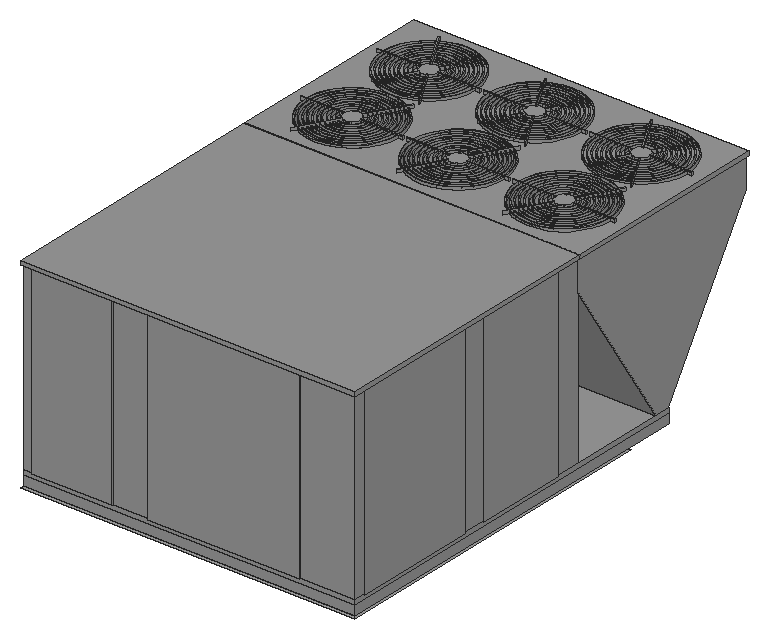
Revit family "RTU-1", category Mechanical Equipment, host Face, Revit 2025
Family settings
  Host = Face
  Round Connector Dimension = Use Diameter
  Classification = None
  Part Type = Normal
  Cut with Voids When Loaded = No
  Maintain Annotation Orientation = Yes
  Shared = No
  Room Calculation Point = No
Parameters (values of type "LCH 240 H4B K 1Y")
  URL = "https://tech.lennoxintl.com/C03e7o14l/VIu12Ch2uV/ehb_lch_cbox_2109.pdf"
  Supply Flow [instance] = 0 CFM
  Return Flow [instance] = 0 CFM
  Model = "LCH 240 H4B K 1Y"
  Material = Aluminum 1100-O
  Manufacturer = "LENNOX"
  Grill Material = Steel, Paint Finish, Dark Gray
  Default Elevation = 48"
Reference planes (in)
  plane 1 "Center (Front/Back)": y = 0
  plane 2: z = 0
  plane 3 "Center (Left/Right)": x = 0
  plane 4: z = 45.1875
  plane 5: y = 48.375
  plane 6: through (-28.53125, 37.65625, 55) normal (-0.7071, -0.7071, 0)
  plane 7: through (-28.53125, 37.65625, 55) normal (-0.7071, 0.7071, 0)
  plane 8: through (-28.53125, 37.65625, 55) normal (0.7071, -0.7071, 0)
  plane 9: through (-28.53125, 37.65625, 55) normal (0.7071, 0.7071, 0)
  plane 10: x = -30.90625
  plane 11: x = -31.90625
  plane 12: x = -32.90625
  plane 13: x = -33.90625
  plane 14: x = -34.90625
  plane 15: x = -35.90625
  plane 16: x = -36.90625
  plane 17: x = -37.90625
  plane 18: x = -38.90625
  plane 19: x = -39.90625
  plane 20: x = -40.90625
  plane 21: x = -42.34375
  plane 22: x = -41.03125
  plane 23: x = -14.71875
  plane 24: x = -16.03125
  plane 25: y = 52.625
  plane 26: y = 50.5
  plane 27: y = 22.25
  plane 28: y = 78.9375
  plane 29: y = 50.59375
  plane 30: x = -30.90625
  plane 31: x = -31.90625
  plane 32: x = -32.90625
  plane 33: x = -33.90625
  plane 34: x = -34.90625
  plane 35: x = -35.90625
  plane 36: x = -36.90625
  plane 37: x = -37.90625
  plane 38: x = -38.90625
  plane 39: x = -39.90625
  plane 40: x = -40.90625
  plane 41: x = -42.34375
  plane 42: x = -41.03125
  plane 43: x = -14.71875
  plane 44: x = -16.03125
  plane 45: x = -2.375
  plane 46: x = -3.375
  plane 47: x = -4.375
  plane 48: x = -5.375
  plane 49: x = -6.375
  plane 50: x = -7.375
  plane 51: x = -8.375
  plane 52: x = -9.375
  plane 53: x = -10.375
  plane 54: x = -11.375
  plane 55: x = -12.375
  plane 56: x = -13.8125
  plane 57: x = -12.5
  plane 58: x = 13.8125
  plane 59: x = 12.5
  plane 60: x = 26.15625
  plane 61: x = 25.15625
  plane 62: x = 24.15625
  plane 63: x = 23.15625
  plane 64: x = 22.15625
  plane 65: x = 21.15625
  plane 66: x = 20.15625
  plane 67: x = 19.15625
  plane 68: x = 18.15625
  plane 69: x = 17.15625
  plane 70: x = 16.15625
  plane 71: x = 14.71875
  plane 72: x = 16.03125
  plane 73: x = 42.34375
  plane 74: x = 41.03125
  plane 75: through (-36.72095, 74.75222, 110.75) normal (-0.5, 0.866, 0)
  plane 76: through (-34.78125, 74.35657, 110.75) normal (0.5, -0.866, 0)
  plane 77: through (-20.34155, 74.75222, 110.75) normal (-0.5, -0.866, 0)
  plane 78: through (-22.28125, 74.35657, 110.75) normal (0.5, 0.866, 0)
  plane 79: through (-36.72095, 52.31028, 110.75) normal (0.5, 0.866, 0)
  plane 80: through (-34.78125, 52.70593, 110.75) normal (-0.5, -0.866, 0)
  plane 81: through (-20.34155, 52.31028, 110.75) normal (0.5, -0.866, 0)
  plane 82: through (-22.28125, 52.70593, 110.75) normal (-0.5, 0.866, 0)
  plane 83: through (-36.72095, 26.43528, 110.75) normal (0.5, 0.866, 0)
  plane 84: through (-34.78125, 26.83093, 110.75) normal (-0.5, -0.866, 0)
  plane 85: through (-20.34155, 26.43528, 110.75) normal (0.5, -0.866, 0)
  plane 86: through (-22.28125, 26.83093, 110.75) normal (-0.5, 0.866, 0)
  plane 87: through (-36.72095, 48.87722, 110.75) normal (-0.5, 0.866, 0)
  plane 88: through (-34.78125, 48.48157, 110.75) normal (0.5, -0.866, 0)
  plane 89: through (-20.34155, 48.87722, 110.75) normal (-0.5, -0.866, 0)
  plane 90: through (-22.28125, 48.48157, 110.75) normal (0.5, 0.866, 0)
  plane 91: through (-8.1897, 74.75222, 110.75) normal (-0.5, 0.866, 0)
  plane 92: through (-6.25, 74.35657, 110.75) normal (0.5, -0.866, 0)
  plane 93: through (8.1897, 74.75222, 110.75) normal (-0.5, -0.866, 0)
  plane 94: through (6.25, 74.35657, 110.75) normal (0.5, 0.866, 0)
  plane 95: through (-8.1897, 52.31028, 110.75) normal (0.5, 0.866, 0)
  plane 96: through (-6.25, 52.70593, 110.75) normal (-0.5, -0.866, 0)
  plane 97: through (8.1897, 52.31028, 110.75) normal (0.5, -0.866, 0)
  plane 98: through (6.25, 52.70593, 110.75) normal (-0.5, 0.866, 0)
  plane 99: through (20.34155, 74.75222, 110.75) normal (-0.5, 0.866, 0)
  plane 100: through (22.28125, 74.35657, 110.75) normal (0.5, -0.866, 0)
  plane 101: through (36.72095, 74.75222, 110.75) normal (-0.5, -0.866, 0)
  plane 102: through (34.78125, 74.35657, 110.75) normal (0.5, 0.866, 0)
  plane 103: through (20.34155, 52.31028, 110.75) normal (0.5, 0.866, 0)
  plane 104: through (22.28125, 52.70593, 110.75) normal (-0.5, -0.866, 0)
  plane 105: through (36.72095, 52.31028, 110.75) normal (0.5, -0.866, 0)
  plane 106: through (34.78125, 52.70593, 110.75) normal (-0.5, 0.866, 0)
  plane 107: x = -30.90625
  plane 108: x = -31.90625
  plane 109: x = -32.90625
  plane 110: x = -33.90625
  plane 111: x = -34.90625
  plane 112: x = -35.90625
  plane 113: x = -36.90625
  plane 114: x = -37.90625
  plane 115: x = -38.90625
  plane 116: x = -39.90625
  plane 117: x = -40.90625
  plane 118: x = -42.34375
  plane 119: x = -41.03125
  plane 120: x = -14.71875
  plane 121: x = -16.03125
  plane 122: x = -2.375
  plane 123: x = -3.375
  plane 124: x = -4.375
  plane 125: x = -5.375
  plane 126: x = -6.375
  plane 127: x = -7.375
  plane 128: x = -8.375
  plane 129: x = -9.375
  plane 130: x = -10.375
  plane 131: x = -11.375
  plane 132: x = -12.375
  plane 133: x = -13.8125
  plane 134: x = -12.5
  plane 135: x = 13.8125
  plane 136: x = 12.5
  plane 137: x = 26.15625
  plane 138: x = 25.15625
  plane 139: x = 24.15625
  plane 140: x = 23.15625
  plane 141: x = 22.15625
  plane 142: x = 21.15625
  plane 143: x = 20.15625
  plane 144: x = 19.15625
  plane 145: x = 18.15625
  plane 146: x = 17.15625
  plane 147: x = 16.15625
  plane 148: x = 14.71875
  plane 149: x = 16.03125
  plane 150: x = 42.34375
  plane 151: x = 41.03125
  plane 152: through (-36.72095, 26.43528, 110.75) normal (0.5, 0.866, 0)
  plane 153: through (-34.78125, 26.83093, 110.75) normal (-0.5, -0.866, 0)
  plane 154: through (-20.34155, 26.43528, 110.75) normal (0.5, -0.866, 0)
  plane 155: through (-22.28125, 26.83093, 110.75) normal (-0.5, 0.866, 0)
  plane 156: through (-36.72095, 48.87722, 110.75) normal (-0.5, 0.866, 0)
  plane 157: through (-34.78125, 48.48157, 110.75) normal (0.5, -0.866, 0)
  plane 158: through (-20.34155, 48.87722, 110.75) normal (-0.5, -0.866, 0)
  plane 159: through (-22.28125, 48.48157, 110.75) normal (0.5, 0.866, 0)
  plane 160: through (-8.1897, 26.43528, 110.75) normal (0.5, 0.866, 0)
  plane 161: through (-6.25, 26.83093, 110.75) normal (-0.5, -0.866, 0)
  plane 162: through (8.1897, 26.43528, 110.75) normal (0.5, -0.866, 0)
  plane 163: through (6.25, 26.83093, 110.75) normal (-0.5, 0.866, 0)
  plane 164: through (-8.1897, 48.87722, 110.75) normal (-0.5, 0.866, 0)
  plane 165: through (-6.25, 48.48157, 110.75) normal (0.5, -0.866, 0)
  plane 166: through (8.1897, 48.87722, 110.75) normal (-0.5, -0.866, 0)
  plane 167: through (6.25, 48.48157, 110.75) normal (0.5, 0.866, 0)
  plane 168: through (20.34155, 26.43528, 110.75) normal (0.5, 0.866, 0)
  plane 169: through (22.28125, 26.83093, 110.75) normal (-0.5, -0.866, 0)
  plane 170: through (36.72095, 26.43528, 110.75) normal (0.5, -0.866, 0)
  plane 171: through (34.78125, 26.83093, 110.75) normal (-0.5, 0.866, 0)
  plane 172: through (20.34155, 48.87722, 110.75) normal (-0.5, 0.866, 0)
  plane 173: through (22.28125, 48.48157, 110.75) normal (0.5, -0.866, 0)
  plane 174: through (36.72095, 48.87722, 110.75) normal (-0.5, -0.866, 0)
  plane 175: through (34.78125, 48.48157, 110.75) normal (0.5, 0.866, 0)
  plane 176: x = -33.3125
  plane 177: x = 2.1875
  plane 178: y = -10.625
  plane 179: y = -10.625
Forms (in)
  Extrusion 1, solid, material "Aluminum 1100-O" <- "Material"
    sketch origin (0, 0, 0) x (1, 0, 0) y (0, 1, 0)
      loop
        line (-44.5625, 22.25) -> (-44.5625, -52.75) -> (44.5625, -52.75) -> (44.5625, 22.25) -> (-44.5625, 22.25)
    from 4.125 to 53.5625
  Extrusion 2, solid, material "Aluminum 1100-O" <- "Material"
    sketch origin (0, 0, -50.125) x (1, 0, 0) y (0, 1, 0)
      loop
        line (-44.5625, 52.75) -> (-44.5625, -52.75) -> (44.5625, -52.75) -> (44.5625, 52.75) -> (-44.5625, 52.75)
    from 53.0625 to 54.25
  Extrusion 3, solid, material "Aluminum 1100-O" <- "Material"
    sketch origin (0, 0, -51.3125) x (1, 0, 0) y (0, 1, 0)
      loop
        line (-44.5625, 52.75) -> (-44.5625, -52.75) -> (44.5625, -52.75) -> (44.5625, 52.75) -> (-44.5625, 52.75)
    from 51.6875 to 54.25
  Blend 4, solid, material "Aluminum 1100-O" <- "Material"
    base sketch origin (0, 0, 0) x (1, 0, 0) y (0, 1, 0)
      loop
        line (-45.0625, 39.41026) -> (-45.0625, -53.25) -> (45.0625, -53.25) -> (45.0625, 39.41026) -> (-45.0625, 39.41026)
    top sketch origin (0, 0, 0) x (1, 0, 0) y (0, 1, 0)
      loop
        line (-44.5625, 38.91026) -> (-44.5625, -52.75) -> (44.5625, -52.75) -> (44.5625, 38.91026) -> (-44.5625, 38.91026)
    from 0 to 0.375
  Extrusion 5, solid, material "Aluminum 1100-O" <- "Material"
    sketch origin (0, 0, 0) x (0, 1, 0) y (0, 0, 1)
      loop
        line (48.375, 4.125) -> (52.625, 4.125) -> (78.75, 45.1875) -> (78.75, 53.5625) -> (22.25, 53.5625) -> (22.25, 45.1875) -> (48.375, 4.125)
    from -44.5625 to 44.5625
  Extrusion 6, solid, material "Aluminum 1100-O" <- "Material"
    sketch origin (0, 0, 0) x (1, 0, 0) y (0, 1, 0)
      loop
        line (-45.0625, 22.25) -> (-45.0625, -53.25) -> (45.0625, -53.25) -> (45.0625, 22.25) -> (-45.0625, 22.25)
    from 53.5625 to 54.625
  Extrusion 7, solid, material "Aluminum 1100-O" <- "Material"
    sketch origin (0, 75.3125, 0) x (1, 0, 0) y (0, 1, 0)
      loop
        line (-45.0625, 3.625) -> (-45.0625, -53.0625) -> (45.0625, -53.0625) -> (45.0625, 3.625) -> (-45.0625, 3.625)
    from 53.5625 to 54.625
  Extrusion 8, void
    sketch origin (-8.58719, -1.71744, 0) x (1, 0, 0) y (0, 1, 0)
      loop
        circle (8.58719, 39.37369) r 12.5
      loop
        circle (-19.94406, 39.37369) r 12.5
      loop
        circle (37.11844, 39.37369) r 12.5
    from 45.45857 to 54.625
  Extrusion 9, solid, material "Steel, Paint Finish, Dark Gray" <- "Grill Material", not visible
    sketch origin (0, 0, 54.625) x (1, 0, 0) y (0, 1, 0)
      loop
        circle (-28.53125, 37.65625) r 2.375
      loop
        circle (-28.53125, 37.65625) r 3.375
      loop
        circle (-28.53125, 37.65625) r 3.5
      loop
        circle (-28.53125, 37.65625) r 4.375
      loop
        circle (-28.53125, 37.65625) r 5.25
      loop
        circle (-28.53125, 37.65625) r 4.5
      loop
        circle (-28.53125, 37.65625) r 5.375
      loop
        circle (-28.53125, 37.65625) r 6.375
      loop
        circle (-28.53125, 37.65625) r 7.375
      loop
        circle (-28.53125, 37.65625) r 9.375
      loop
        circle (-28.53125, 37.65625) r 10.375
      loop
        circle (-28.53125, 37.65625) r 11.375
      loop
        circle (-28.53125, 37.65625) r 12.375
      loop
        circle (-28.53125, 37.65625) r 12.5
      loop
        circle (-28.53125, 37.65625) r 7.5
      loop
        circle (-28.53125, 37.65625) r 9.5
      loop
        circle (-28.53125, 37.65625) r 10.5
      loop
        circle (-28.53125, 37.65625) r 11.5
      loop
        circle (-28.53125, 37.65625) r 8.375
      loop
        circle (-28.53125, 37.65625) r 8.5
      loop
        circle (-28.53125, 37.65625) r 6.5
    from 0 to 0.625
  Extrusion 10, solid, material "Steel, Paint Finish, Dark Gray" <- "Grill Material", not visible
    sketch origin (0, 0, 55.75) x (1, 0, 0) y (0, 1, 0)
      loop
        line (-42.34375, 37.78125) -> (-42.34375, 37.53125) -> (-30.90296, 37.53125)
        arc (-30.90296, 37.53125) -> (-30.90543, 37.59373) -> (-30.90625, 37.65625) r 2.375
        arc (-30.90625, 37.65625) -> (-30.90543, 37.71877) -> (-30.90296, 37.78125) r 2.375
        line (-30.90296, 37.78125) -> (-42.34375, 37.78125)
    from -1.125 to -0.3427
  Extrusion 11, solid, material "Steel, Paint Finish, Dark Gray" <- "Grill Material", not visible
    sketch origin (-57.0625, 0, 55.75) x (-1, 0, 0) y (0, -1, 0)
      loop
        line (-42.34375, -37.78125) -> (-30.90296, -37.78125)
        arc (-30.90296, -37.78125) -> (-30.90543, -37.71877) -> (-30.90625, -37.65625) r 2.375
        arc (-30.90625, -37.65625) -> (-30.90543, -37.59373) -> (-30.90296, -37.53125) r 2.375
        line (-30.90296, -37.53125) -> (-42.34375, -37.53125) -> (-42.34375, -37.78125)
    from -1.125 to -0.3427
  Extrusion 12, void
    sketch origin (0, 0, 0) x (1, 0, 0) y (0, 1, 0)
      loop
        line (-40.8125, 19.625) -> (-40.8125, -40.875) -> (-25.8125, -40.875) -> (-25.8125, 19.625) -> (-40.8125, 19.625)
      loop
        line (12.1875, -40.875) -> (12.1875, 19.625) -> (-7.8125, 19.625) -> (-7.8125, -40.875) -> (12.1875, -40.875)
      loop
        line (33.0625, -44.25) -> (33.0625, -49.25) -> (41.0625, -49.25) -> (41.0625, -44.25) -> (33.0625, -44.25)
    from 0 to 12
  Extrusion 13, solid, material "Steel, Paint Finish, Dark Gray" <- "Grill Material"
    sketch origin (0, 101.1875, 54.625) x (1, 0, 0) y (0, 1, 0)
      loop
        circle (-28.53125, -37.65625) r 2.375
      loop
        circle (-28.53125, -37.65625) r 3.375
      loop
        circle (-28.53125, -37.65625) r 3.5
      loop
        circle (-28.53125, -37.65625) r 4.375
      loop
        circle (-28.53125, -37.65625) r 5.25
      loop
        circle (-28.53125, -37.65625) r 4.5
      loop
        circle (-28.53125, -37.65625) r 5.375
      loop
        circle (-28.53125, -37.65625) r 6.375
      loop
        circle (-28.53125, -37.65625) r 7.375
      loop
        circle (-28.53125, -37.65625) r 9.375
      loop
        circle (-28.53125, -37.65625) r 10.375
      loop
        circle (-28.53125, -37.65625) r 11.375
      loop
        circle (-28.53125, -37.65625) r 12.375
      loop
        circle (-28.53125, -37.65625) r 12.5
      loop
        circle (-28.53125, -37.65625) r 7.5
      loop
        circle (-28.53125, -37.65625) r 9.5
      loop
        circle (-28.53125, -37.65625) r 10.5
      loop
        circle (-28.53125, -37.65625) r 11.5
      loop
        circle (-28.53125, -37.65625) r 8.375
      loop
        circle (-28.53125, -37.65625) r 8.5
      loop
        circle (-28.53125, -37.65625) r 6.5
    from 0 to 0.625
  Extrusion 14, solid, material "Steel, Paint Finish, Dark Gray" <- "Grill Material"
    sketch origin (0, 101.1875, 55.75) x (1, 0, 0) y (0, 1, 0)
      loop
        line (-42.34375, -37.78125) -> (-30.90296, -37.78125)
        arc (-30.90296, -37.78125) -> (-30.90543, -37.71877) -> (-30.90625, -37.65625) r 2.375
        arc (-30.90625, -37.65625) -> (-30.90543, -37.59373) -> (-30.90296, -37.53125) r 2.375
        line (-30.90296, -37.53125) -> (-42.34375, -37.53125) -> (-42.34375, -37.78125)
    from -1.125 to -0.3427
  Extrusion 15, solid, material "Steel, Paint Finish, Dark Gray" <- "Grill Material"
    sketch origin (-57.0625, 101.1875, 55.75) x (-1, 0, 0) y (0, -1, 0)
      loop
        line (-42.34375, 37.78125) -> (-42.34375, 37.53125) -> (-30.90296, 37.53125)
        arc (-30.90296, 37.53125) -> (-30.90543, 37.59373) -> (-30.90625, 37.65625) r 2.375
        arc (-30.90625, 37.65625) -> (-30.90543, 37.71877) -> (-30.90296, 37.78125) r 2.375
        line (-30.90296, 37.78125) -> (-42.34375, 37.78125)
    from -1.125 to -0.3427
  Extrusion 16, solid, material "Steel, Paint Finish, Dark Gray" <- "Grill Material"
    sketch origin (28.53125, 101.1875, 54.625) x (1, 0, 0) y (0, 1, 0)
      loop
        circle (-28.53125, -37.65625) r 2.375
      loop
        circle (-28.53125, -37.65625) r 3.375
      loop
        circle (-28.53125, -37.65625) r 3.5
      loop
        circle (-28.53125, -37.65625) r 4.375
      loop
        circle (-28.53125, -37.65625) r 5.25
      loop
        circle (-28.53125, -37.65625) r 4.5
      loop
        circle (-28.53125, -37.65625) r 5.375
      loop
        circle (-28.53125, -37.65625) r 6.375
      loop
        circle (-28.53125, -37.65625) r 7.375
      loop
        circle (-28.53125, -37.65625) r 9.375
      loop
        circle (-28.53125, -37.65625) r 10.375
      loop
        circle (-28.53125, -37.65625) r 11.375
      loop
        circle (-28.53125, -37.65625) r 12.375
      loop
        circle (-28.53125, -37.65625) r 12.5
      loop
        circle (-28.53125, -37.65625) r 7.5
      loop
        circle (-28.53125, -37.65625) r 9.5
      loop
        circle (-28.53125, -37.65625) r 10.5
      loop
        circle (-28.53125, -37.65625) r 11.5
      loop
        circle (-28.53125, -37.65625) r 8.375
      loop
        circle (-28.53125, -37.65625) r 8.5
      loop
        circle (-28.53125, -37.65625) r 6.5
    from 0 to 0.625
  Extrusion 17, solid, material "Steel, Paint Finish, Dark Gray" <- "Grill Material"
    sketch origin (28.53125, 101.1875, 55.75) x (1, 0, 0) y (0, 1, 0)
      loop
        line (-42.34375, -37.78125) -> (-30.90296, -37.78125)
        arc (-30.90296, -37.78125) -> (-30.90543, -37.71877) -> (-30.90625, -37.65625) r 2.375
        arc (-30.90625, -37.65625) -> (-30.90543, -37.59373) -> (-30.90296, -37.53125) r 2.375
        line (-30.90296, -37.53125) -> (-42.34375, -37.53125) -> (-42.34375, -37.78125)
    from -1.125 to -0.3427
  Extrusion 18, solid, material "Steel, Paint Finish, Dark Gray" <- "Grill Material"
    sketch origin (-28.53125, 101.1875, 55.75) x (-1, 0, 0) y (0, -1, 0)
      loop
        line (-42.34375, 37.78125) -> (-42.34375, 37.53125) -> (-30.90296, 37.53125)
        arc (-30.90296, 37.53125) -> (-30.90543, 37.59373) -> (-30.90625, 37.65625) r 2.375
        arc (-30.90625, 37.65625) -> (-30.90543, 37.71877) -> (-30.90296, 37.78125) r 2.375
        line (-30.90296, 37.78125) -> (-42.34375, 37.78125)
    from -1.125 to -0.3427
  Extrusion 19, solid, material "Steel, Paint Finish, Dark Gray" <- "Grill Material"
    sketch origin (57.0625, 0, 54.625) x (1, 0, 0) y (0, 1, 0)
      loop
        circle (-28.53125, 63.53125) r 2.375
      loop
        circle (-28.53125, 63.53125) r 3.375
      loop
        circle (-28.53125, 63.53125) r 3.5
      loop
        circle (-28.53125, 63.53125) r 4.375
      loop
        circle (-28.53125, 63.53125) r 5.25
      loop
        circle (-28.53125, 63.53125) r 4.5
      loop
        circle (-28.53125, 63.53125) r 5.375
      loop
        circle (-28.53125, 63.53125) r 6.375
      loop
        circle (-28.53125, 63.53125) r 7.375
      loop
        circle (-28.53125, 63.53125) r 9.375
      loop
        circle (-28.53125, 63.53125) r 10.375
      loop
        circle (-28.53125, 63.53125) r 11.375
      loop
        circle (-28.53125, 63.53125) r 12.375
      loop
        circle (-28.53125, 63.53125) r 12.5
      loop
        circle (-28.53125, 63.53125) r 7.5
      loop
        circle (-28.53125, 63.53125) r 9.5
      loop
        circle (-28.53125, 63.53125) r 10.5
      loop
        circle (-28.53125, 63.53125) r 11.5
      loop
        circle (-28.53125, 63.53125) r 8.375
      loop
        circle (-28.53125, 63.53125) r 8.5
      loop
        circle (-28.53125, 63.53125) r 6.5
    from 0 to 0.625
  Extrusion 20, solid, material "Steel, Paint Finish, Dark Gray" <- "Grill Material"
    sketch origin (57.0625, 0, 55.75) x (1, 0, 0) y (0, 1, 0)
      loop
        line (-42.34375, 63.40625) -> (-30.90296, 63.40625)
        arc (-30.90296, 63.40625) -> (-30.90543, 63.46873) -> (-30.90625, 63.53125) r 2.375
        arc (-30.90625, 63.53125) -> (-30.90543, 63.59377) -> (-30.90296, 63.65625) r 2.375
        line (-30.90296, 63.65625) -> (-42.34375, 63.65625) -> (-42.34375, 63.40625)
    from -1.125 to -0.3427
  Extrusion 21, solid, material "Steel, Paint Finish, Dark Gray" <- "Grill Material"
    sketch origin (0, 0, 55.75) x (-1, 0, 0) y (0, -1, 0)
      loop
        line (-42.34375, -63.40625) -> (-42.34375, -63.65625) -> (-30.90296, -63.65625)
        arc (-30.90296, -63.65625) -> (-30.90543, -63.59377) -> (-30.90625, -63.53125) r 2.375
        arc (-30.90625, -63.53125) -> (-30.90543, -63.46873) -> (-30.90296, -63.40625) r 2.375
        line (-30.90296, -63.40625) -> (-42.34375, -63.40625)
    from -1.125 to -0.3427
  Extrusion 22, solid, material "Steel, Paint Finish, Dark Gray" <- "Grill Material"
    sketch origin (-69.2853, 108.24434, 55.75) x (0.5, -0.866025, 0) y (0.866025, 0.5, 0)
      loop
        line (45.2872, 12.8125) -> (56.72799, 12.8125)
        arc (56.72799, 12.8125) -> (56.72552, 12.87498) -> (56.7247, 12.9375) r 2.375
        arc (56.7247, 12.9375) -> (56.72552, 13.00002) -> (56.72799, 13.0625) r 2.375
        line (56.72799, 13.0625) -> (45.2872, 13.0625) -> (45.2872, 12.8125)
    from -1.125 to -0.3427
  Extrusion 23, solid, material "Steel, Paint Finish, Dark Gray" <- "Grill Material"
    sketch origin (12.2228, 108.24434, 55.75) x (-0.5, -0.866025, 0) y (0.866025, -0.5, 0)
      loop
        line (53.86779, -12.8125) -> (53.86779, -13.0625) -> (56.72799, -13.0625)
        arc (56.72799, -13.0625) -> (56.72552, -13.00002) -> (56.7247, -12.9375) r 2.375
        arc (56.7247, -12.9375) -> (56.72552, -12.87498) -> (56.72799, -12.8125) r 2.375
        line (56.72799, -12.8125) -> (53.86779, -12.8125)
    from -1.125 to -0.3427
  Extrusion 24, solid, material "Steel, Paint Finish, Dark Gray" <- "Grill Material"
    sketch origin (-69.2853, 221.19316, 55.75) x (0.5, 0.866025, 0) y (-0.866025, 0.5, 0)
      loop
        line (-121.3941, -114) -> (-121.3941, -114.25) -> (-118.5339, -114.25)
        arc (-118.5339, -114.25) -> (-118.53637, -114.18752) -> (-118.5372, -114.125) r 2.375
        arc (-118.5372, -114.125) -> (-118.53637, -114.06248) -> (-118.5339, -114) r 2.375
        line (-118.5339, -114) -> (-121.3941, -114)
    from -1.125 to -0.3427
  Extrusion 25, solid, material "Steel, Paint Finish, Dark Gray" <- "Grill Material"
    sketch origin (12.2228, 221.19316, 55.75) x (-0.5, 0.866025, 0) y (-0.866025, -0.5, 0)
      loop
        line (-129.9747, 114) -> (-118.5339, 114)
        arc (-118.5339, 114) -> (-118.53637, 114.06248) -> (-118.5372, 114.125) r 2.375
        arc (-118.5372, 114.125) -> (-118.53637, 114.18752) -> (-118.5339, 114.25) r 2.375
        line (-118.5339, 114.25) -> (-129.9747, 114.25) -> (-129.9747, 114)
    from -1.125 to -0.3427
  Extrusion 26, solid, material "Steel, Paint Finish, Dark Gray" <- "Grill Material", not visible
    sketch origin (-69.2853, 7.05684, 55.75) x (0.5, -0.866025, 0) y (0.866025, 0.5, 0)
      loop
        line (0.67515, 38.56927) -> (0.89166, 38.69427) -> (-4.82874, 48.60229)
        arc (-4.82874, 48.60229) -> (-4.88161, 48.56891) -> (-4.93534, 48.53694) r 2.375
        arc (-4.93534, 48.53694) -> (-4.9899, 48.50639) -> (-5.04524, 48.47729) r 2.375
        line (-5.04524, 48.47729) -> (0.67515, 38.56927)
    from -1.125 to -0.3427
  Extrusion 27, solid, material "Steel, Paint Finish, Dark Gray" <- "Grill Material", not visible
    sketch origin (12.2228, 7.05684, 55.75) x (-0.5, -0.866025, 0) y (0.866025, -0.5, 0)
      loop
        line (0.67515, -48.47729) -> (-5.04524, -48.47729)
        arc (-5.04524, -48.47729) -> (-4.9899, -48.50639) -> (-4.93534, -48.53694) r 2.375
        arc (-4.93534, -48.53694) -> (-4.88161, -48.56891) -> (-4.82874, -48.60229) r 2.375
        line (-4.82874, -48.60229) -> (0.67515, -48.60229) -> (0.67515, -48.47729)
    from -1.125 to -0.3427
  Extrusion 28, solid, material "Steel, Paint Finish, Dark Gray" <- "Grill Material", not visible
    sketch origin (-69.2853, 120.00566, 55.75) x (0.5, 0.866025, 0) y (-0.866025, 0.5, 0)
      loop
        line (-44.14166, -74.35229) -> (-49.86206, -74.35229)
        arc (-49.86206, -74.35229) -> (-49.80671, -74.38139) -> (-49.75216, -74.41194) r 2.375
        arc (-49.75216, -74.41194) -> (-49.69842, -74.44391) -> (-49.64555, -74.47729) r 2.375
        line (-49.64555, -74.47729) -> (-44.14166, -74.47729) -> (-44.14166, -74.35229)
    from -1.125 to -0.3427
  Extrusion 29, solid, material "Steel, Paint Finish, Dark Gray" <- "Grill Material", not visible
    sketch origin (12.2228, 120.00566, 55.75) x (-0.5, 0.866025, 0) y (-0.866025, -0.5, 0)
      loop
        line (-44.14166, 64.44427) -> (-43.92515, 64.56927) -> (-49.64555, 74.47729)
        arc (-49.64555, 74.47729) -> (-49.69842, 74.44391) -> (-49.75216, 74.41194) r 2.375
        arc (-49.75216, 74.41194) -> (-49.80671, 74.38139) -> (-49.86206, 74.35229) r 2.375
        line (-49.86206, 74.35229) -> (-44.14166, 64.44427)
    from -1.125 to -0.3427
  Extrusion 30, solid, material "Steel, Paint Finish, Dark Gray" <- "Grill Material"
    sketch origin (-40.75405, 108.24434, 55.75) x (0.5, -0.866025, 0) y (0.866025, 0.5, 0)
      loop
        line (45.2872, 12.8125) -> (56.72799, 12.8125)
        arc (56.72799, 12.8125) -> (56.72552, 12.87498) -> (56.7247, 12.9375) r 2.375
        arc (56.7247, 12.9375) -> (56.72552, 13.00002) -> (56.72799, 13.0625) r 2.375
        line (56.72799, 13.0625) -> (45.2872, 13.0625) -> (45.2872, 12.8125)
    from -1.125 to -0.3427
  Extrusion 31, solid, material "Steel, Paint Finish, Dark Gray" <- "Grill Material"
    sketch origin (40.75405, 108.24434, 55.75) x (-0.5, -0.866025, 0) y (0.866025, -0.5, 0)
      loop
        line (53.86779, -12.8125) -> (53.86779, -13.0625) -> (56.72799, -13.0625)
        arc (56.72799, -13.0625) -> (56.72552, -13.00002) -> (56.7247, -12.9375) r 2.375
        arc (56.7247, -12.9375) -> (56.72552, -12.87498) -> (56.72799, -12.8125) r 2.375
        line (56.72799, -12.8125) -> (53.86779, -12.8125)
    from -1.125 to -0.3427
  Extrusion 32, solid, material "Steel, Paint Finish, Dark Gray" <- "Grill Material"
    sketch origin (-40.75405, 221.19316, 55.75) x (0.5, 0.866025, 0) y (-0.866025, 0.5, 0)
      loop
        line (-121.3941, -114) -> (-121.3941, -114.25) -> (-118.5339, -114.25)
        arc (-118.5339, -114.25) -> (-118.53637, -114.18752) -> (-118.5372, -114.125) r 2.375
        arc (-118.5372, -114.125) -> (-118.53637, -114.06248) -> (-118.5339, -114) r 2.375
        line (-118.5339, -114) -> (-121.3941, -114)
    from -1.125 to -0.3427
  Extrusion 33, solid, material "Steel, Paint Finish, Dark Gray" <- "Grill Material"
    sketch origin (40.75405, 221.19316, 55.75) x (-0.5, 0.866025, 0) y (-0.866025, -0.5, 0)
      loop
        line (-129.9747, 114) -> (-118.5339, 114)
        arc (-118.5339, 114) -> (-118.53637, 114.06248) -> (-118.5372, 114.125) r 2.375
        arc (-118.5372, 114.125) -> (-118.53637, 114.18752) -> (-118.5339, 114.25) r 2.375
        line (-118.5339, 114.25) -> (-129.9747, 114.25) -> (-129.9747, 114)
    from -1.125 to -0.3427
  Extrusion 34, solid, material "Steel, Paint Finish, Dark Gray" <- "Grill Material"
    sketch origin (-12.2228, 7.05684, 55.75) x (0.5, -0.866025, 0) y (0.866025, 0.5, 0)
      loop
        line (-42.34375, 63.40625) -> (-30.90296, 63.40625)
        arc (-30.90296, 63.40625) -> (-30.90543, 63.46873) -> (-30.90625, 63.53125) r 2.375
        arc (-30.90625, 63.53125) -> (-30.90543, 63.59377) -> (-30.90296, 63.65625) r 2.375
        line (-30.90296, 63.65625) -> (-42.34375, 63.65625) -> (-42.34375, 63.40625)
    from -1.125 to -0.3427
  Extrusion 35, solid, material "Steel, Paint Finish, Dark Gray" <- "Grill Material"
    sketch origin (69.2853, 7.05684, 55.75) x (-0.5, -0.866025, 0) y (0.866025, -0.5, 0)
      loop
        line (-33.76316, -63.40625) -> (-33.76316, -63.65625) -> (-30.90296, -63.65625)
        arc (-30.90296, -63.65625) -> (-30.90543, -63.59377) -> (-30.90625, -63.53125) r 2.375
        arc (-30.90625, -63.53125) -> (-30.90543, -63.46873) -> (-30.90296, -63.40625) r 2.375
        line (-30.90296, -63.40625) -> (-33.76316, -63.40625)
    from -1.125 to -0.3427
  Extrusion 36, solid, material "Steel, Paint Finish, Dark Gray" <- "Grill Material"
    sketch origin (-12.2228, 120.00566, 55.75) x (0.5, 0.866025, 0) y (-0.866025, 0.5, 0)
      loop
        line (-33.76316, -63.40625) -> (-33.76316, -63.65625) -> (-30.90296, -63.65625)
        arc (-30.90296, -63.65625) -> (-30.90543, -63.59377) -> (-30.90625, -63.53125) r 2.375
        arc (-30.90625, -63.53125) -> (-30.90543, -63.46873) -> (-30.90296, -63.40625) r 2.375
        line (-30.90296, -63.40625) -> (-33.76316, -63.40625)
    from -1.125 to -0.3427
  Extrusion 37, solid, material "Steel, Paint Finish, Dark Gray" <- "Grill Material"
    sketch origin (69.2853, 120.00566, 55.75) x (-0.5, 0.866025, 0) y (-0.866025, -0.5, 0)
      loop
        line (-42.34375, 63.40625) -> (-30.90296, 63.40625)
        arc (-30.90296, 63.40625) -> (-30.90543, 63.46873) -> (-30.90625, 63.53125) r 2.375
        arc (-30.90625, 63.53125) -> (-30.90543, 63.59377) -> (-30.90296, 63.65625) r 2.375
        line (-30.90296, 63.65625) -> (-42.34375, 63.65625) -> (-42.34375, 63.40625)
    from -1.125 to -0.3427
  Extrusion 38, solid, material "Steel, Paint Finish, Dark Gray" <- "Grill Material"
    sketch origin (0, 0, 54.625) x (1, 0, 0) y (0, 1, 0)
      loop
        circle (-28.53125, 37.65625) r 2.375
      loop
        circle (-28.53125, 37.65625) r 3.375
      loop
        circle (-28.53125, 37.65625) r 3.5
      loop
        circle (-28.53125, 37.65625) r 4.375
      loop
        circle (-28.53125, 37.65625) r 5.25
      loop
        circle (-28.53125, 37.65625) r 4.5
      loop
        circle (-28.53125, 37.65625) r 5.375
      loop
        circle (-28.53125, 37.65625) r 6.375
      loop
        circle (-28.53125, 37.65625) r 7.375
      loop
        circle (-28.53125, 37.65625) r 9.375
      loop
        circle (-28.53125, 37.65625) r 10.375
      loop
        circle (-28.53125, 37.65625) r 11.375
      loop
        circle (-28.53125, 37.65625) r 12.375
      loop
        circle (-28.53125, 37.65625) r 12.5
      loop
        circle (-28.53125, 37.65625) r 7.5
      loop
        circle (-28.53125, 37.65625) r 9.5
      loop
        circle (-28.53125, 37.65625) r 10.5
      loop
        circle (-28.53125, 37.65625) r 11.5
      loop
        circle (-28.53125, 37.65625) r 8.375
      loop
        circle (-28.53125, 37.65625) r 8.5
      loop
        circle (-28.53125, 37.65625) r 6.5
    from 0 to 0.625
  Extrusion 39, solid, material "Steel, Paint Finish, Dark Gray" <- "Grill Material"
    sketch origin (0, 0, 55.75) x (1, 0, 0) y (0, 1, 0)
      loop
        line (-42.34375, 37.78125) -> (-42.34375, 37.53125) -> (-30.90296, 37.53125)
        arc (-30.90296, 37.53125) -> (-30.90543, 37.59373) -> (-30.90625, 37.65625) r 2.375
        arc (-30.90625, 37.65625) -> (-30.90543, 37.71877) -> (-30.90296, 37.78125) r 2.375
        line (-30.90296, 37.78125) -> (-42.34375, 37.78125)
    from -1.125 to -0.3427
  Extrusion 40, solid, material "Steel, Paint Finish, Dark Gray" <- "Grill Material"
    sketch origin (-57.0625, 0, 55.75) x (-1, 0, 0) y (0, -1, 0)
      loop
        line (-42.34375, -37.78125) -> (-30.90296, -37.78125)
        arc (-30.90296, -37.78125) -> (-30.90543, -37.71877) -> (-30.90625, -37.65625) r 2.375
        arc (-30.90625, -37.65625) -> (-30.90543, -37.59373) -> (-30.90296, -37.53125) r 2.375
        line (-30.90296, -37.53125) -> (-42.34375, -37.53125) -> (-42.34375, -37.78125)
    from -1.125 to -0.3427
  Extrusion 41, solid, material "Steel, Paint Finish, Dark Gray" <- "Grill Material"
    sketch origin (28.53125, 0, 54.625) x (1, 0, 0) y (0, 1, 0)
      loop
        circle (-28.53125, 37.65625) r 2.375
      loop
        circle (-28.53125, 37.65625) r 3.375
      loop
        circle (-28.53125, 37.65625) r 3.5
      loop
        circle (-28.53125, 37.65625) r 4.375
      loop
        circle (-28.53125, 37.65625) r 5.25
      loop
        circle (-28.53125, 37.65625) r 4.5
      loop
        circle (-28.53125, 37.65625) r 5.375
      loop
        circle (-28.53125, 37.65625) r 6.375
      loop
        circle (-28.53125, 37.65625) r 7.375
      loop
        circle (-28.53125, 37.65625) r 9.375
      loop
        circle (-28.53125, 37.65625) r 10.375
      loop
        circle (-28.53125, 37.65625) r 11.375
      loop
        circle (-28.53125, 37.65625) r 12.375
      loop
        circle (-28.53125, 37.65625) r 12.5
      loop
        circle (-28.53125, 37.65625) r 7.5
      loop
        circle (-28.53125, 37.65625) r 9.5
      loop
        circle (-28.53125, 37.65625) r 10.5
      loop
        circle (-28.53125, 37.65625) r 11.5
      loop
        circle (-28.53125, 37.65625) r 8.375
      loop
        circle (-28.53125, 37.65625) r 8.5
      loop
        circle (-28.53125, 37.65625) r 6.5
    from 0 to 0.625
  Extrusion 42, solid, material "Steel, Paint Finish, Dark Gray" <- "Grill Material"
    sketch origin (28.53125, 0, 55.75) x (1, 0, 0) y (0, 1, 0)
      loop
        line (-42.34375, 37.78125) -> (-42.34375, 37.53125) -> (-30.90296, 37.53125)
        arc (-30.90296, 37.53125) -> (-30.90543, 37.59373) -> (-30.90625, 37.65625) r 2.375
        arc (-30.90625, 37.65625) -> (-30.90543, 37.71877) -> (-30.90296, 37.78125) r 2.375
        line (-30.90296, 37.78125) -> (-42.34375, 37.78125)
    from -1.125 to -0.3427
  Extrusion 43, solid, material "Steel, Paint Finish, Dark Gray" <- "Grill Material"
    sketch origin (-28.53125, 0, 55.75) x (-1, 0, 0) y (0, -1, 0)
      loop
        line (-42.34375, -37.78125) -> (-30.90296, -37.78125)
        arc (-30.90296, -37.78125) -> (-30.90543, -37.71877) -> (-30.90625, -37.65625) r 2.375
        arc (-30.90625, -37.65625) -> (-30.90543, -37.59373) -> (-30.90296, -37.53125) r 2.375
        line (-30.90296, -37.53125) -> (-42.34375, -37.53125) -> (-42.34375, -37.78125)
    from -1.125 to -0.3427
  Extrusion 44, solid, material "Steel, Paint Finish, Dark Gray" <- "Grill Material"
    sketch origin (57.0625, 0, 54.625) x (1, 0, 0) y (0, 1, 0)
      loop
        circle (-28.53125, 37.65625) r 2.375
      loop
        circle (-28.53125, 37.65625) r 3.375
      loop
        circle (-28.53125, 37.65625) r 3.5
      loop
        circle (-28.53125, 37.65625) r 4.375
      loop
        circle (-28.53125, 37.65625) r 5.25
      loop
        circle (-28.53125, 37.65625) r 4.5
      loop
        circle (-28.53125, 37.65625) r 5.375
      loop
        circle (-28.53125, 37.65625) r 6.375
      loop
        circle (-28.53125, 37.65625) r 7.375
      loop
        circle (-28.53125, 37.65625) r 9.375
      loop
        circle (-28.53125, 37.65625) r 10.375
      loop
        circle (-28.53125, 37.65625) r 11.375
      loop
        circle (-28.53125, 37.65625) r 12.375
      loop
        circle (-28.53125, 37.65625) r 12.5
      loop
        circle (-28.53125, 37.65625) r 7.5
      loop
        circle (-28.53125, 37.65625) r 9.5
      loop
        circle (-28.53125, 37.65625) r 10.5
      loop
        circle (-28.53125, 37.65625) r 11.5
      loop
        circle (-28.53125, 37.65625) r 8.375
      loop
        circle (-28.53125, 37.65625) r 8.5
      loop
        circle (-28.53125, 37.65625) r 6.5
    from 0 to 0.625
  Extrusion 45, solid, material "Steel, Paint Finish, Dark Gray" <- "Grill Material"
    sketch origin (57.0625, 0, 55.75) x (1, 0, 0) y (0, 1, 0)
      loop
        line (-42.34375, 37.78125) -> (-42.34375, 37.53125) -> (-30.90296, 37.53125)
        arc (-30.90296, 37.53125) -> (-30.90543, 37.59373) -> (-30.90625, 37.65625) r 2.375
        arc (-30.90625, 37.65625) -> (-30.90543, 37.71877) -> (-30.90296, 37.78125) r 2.375
        line (-30.90296, 37.78125) -> (-42.34375, 37.78125)
    from -1.125 to -0.3427
  Extrusion 46, solid, material "Steel, Paint Finish, Dark Gray" <- "Grill Material"
    sketch origin (0, 0, 55.75) x (-1, 0, 0) y (0, -1, 0)
      loop
        line (-42.34375, -37.78125) -> (-30.90296, -37.78125)
        arc (-30.90296, -37.78125) -> (-30.90543, -37.71877) -> (-30.90625, -37.65625) r 2.375
        arc (-30.90625, -37.65625) -> (-30.90543, -37.59373) -> (-30.90296, -37.53125) r 2.375
        line (-30.90296, -37.53125) -> (-42.34375, -37.53125) -> (-42.34375, -37.78125)
    from -1.125 to -0.3427
  Extrusion 47, solid, material "Steel, Paint Finish, Dark Gray" <- "Grill Material"
    sketch origin (-69.2853, 7.05684, 55.75) x (0.5, -0.866025, 0) y (0.866025, 0.5, 0)
      loop
        line (0.67515, 38.56927) -> (0.89166, 38.69427) -> (-4.82874, 48.60229)
        arc (-4.82874, 48.60229) -> (-4.88161, 48.56891) -> (-4.93534, 48.53694) r 2.375
        arc (-4.93534, 48.53694) -> (-4.9899, 48.50639) -> (-5.04524, 48.47729) r 2.375
        line (-5.04524, 48.47729) -> (0.67515, 38.56927)
    from -1.125 to -0.3427
  Extrusion 48, solid, material "Steel, Paint Finish, Dark Gray" <- "Grill Material"
    sketch origin (12.2228, 7.05684, 55.75) x (-0.5, -0.866025, 0) y (0.866025, -0.5, 0)
      loop
        line (0.67515, -48.47729) -> (-5.04524, -48.47729)
        arc (-5.04524, -48.47729) -> (-4.9899, -48.50639) -> (-4.93534, -48.53694) r 2.375
        arc (-4.93534, -48.53694) -> (-4.88161, -48.56891) -> (-4.82874, -48.60229) r 2.375
        line (-4.82874, -48.60229) -> (0.67515, -48.60229) -> (0.67515, -48.47729)
    from -1.125 to -0.3427
  Extrusion 49, solid, material "Steel, Paint Finish, Dark Gray" <- "Grill Material"
    sketch origin (-69.2853, 120.00566, 55.75) x (0.5, 0.866025, 0) y (-0.866025, 0.5, 0)
      loop
        line (-44.14166, -74.35229) -> (-49.86206, -74.35229)
        arc (-49.86206, -74.35229) -> (-49.80671, -74.38139) -> (-49.75216, -74.41194) r 2.375
        arc (-49.75216, -74.41194) -> (-49.69842, -74.44391) -> (-49.64555, -74.47729) r 2.375
        line (-49.64555, -74.47729) -> (-44.14166, -74.47729) -> (-44.14166, -74.35229)
    from -1.125 to -0.3427
  Extrusion 50, solid, material "Steel, Paint Finish, Dark Gray" <- "Grill Material"
    sketch origin (12.2228, 120.00566, 55.75) x (-0.5, 0.866025, 0) y (-0.866025, -0.5, 0)
      loop
        line (-44.14166, 64.44427) -> (-43.92515, 64.56927) -> (-49.64555, 74.47729)
        arc (-49.64555, 74.47729) -> (-49.69842, 74.44391) -> (-49.75216, 74.41194) r 2.375
        arc (-49.75216, 74.41194) -> (-49.80671, 74.38139) -> (-49.86206, 74.35229) r 2.375
        line (-49.86206, 74.35229) -> (-44.14166, 64.44427)
    from -1.125 to -0.3427
  Extrusion 51, solid, material "Steel, Paint Finish, Dark Gray" <- "Grill Material"
    sketch origin (-40.75405, 7.05684, 55.75) x (0.5, -0.866025, 0) y (0.866025, 0.5, 0)
      loop
        line (0.67515, 38.56927) -> (0.89166, 38.69427) -> (-4.82874, 48.60229)
        arc (-4.82874, 48.60229) -> (-4.88161, 48.56891) -> (-4.93534, 48.53694) r 2.375
        arc (-4.93534, 48.53694) -> (-4.9899, 48.50639) -> (-5.04524, 48.47729) r 2.375
        line (-5.04524, 48.47729) -> (0.67515, 38.56927)
    from -1.125 to -0.3427
  Extrusion 52, solid, material "Steel, Paint Finish, Dark Gray" <- "Grill Material"
    sketch origin (40.75405, 7.05684, 55.75) x (-0.5, -0.866025, 0) y (0.866025, -0.5, 0)
      loop
        line (0.67515, -48.47729) -> (-5.04524, -48.47729)
        arc (-5.04524, -48.47729) -> (-4.9899, -48.50639) -> (-4.93534, -48.53694) r 2.375
        arc (-4.93534, -48.53694) -> (-4.88161, -48.56891) -> (-4.82874, -48.60229) r 2.375
        line (-4.82874, -48.60229) -> (0.67515, -48.60229) -> (0.67515, -48.47729)
    from -1.125 to -0.3427
  Extrusion 53, solid, material "Steel, Paint Finish, Dark Gray" <- "Grill Material"
    sketch origin (-40.75405, 120.00566, 55.75) x (0.5, 0.866025, 0) y (-0.866025, 0.5, 0)
      loop
        line (-44.14166, -74.35229) -> (-49.86206, -74.35229)
        arc (-49.86206, -74.35229) -> (-49.80671, -74.38139) -> (-49.75216, -74.41194) r 2.375
        arc (-49.75216, -74.41194) -> (-49.69842, -74.44391) -> (-49.64555, -74.47729) r 2.375
        line (-49.64555, -74.47729) -> (-44.14166, -74.47729) -> (-44.14166, -74.35229)
    from -1.125 to -0.3427
  Extrusion 54, solid, material "Steel, Paint Finish, Dark Gray" <- "Grill Material"
    sketch origin (40.75405, 120.00566, 55.75) x (-0.5, 0.866025, 0) y (-0.866025, -0.5, 0)
      loop
        line (-44.14166, 64.44427) -> (-43.92515, 64.56927) -> (-49.64555, 74.47729)
        arc (-49.64555, 74.47729) -> (-49.69842, 74.44391) -> (-49.75216, 74.41194) r 2.375
        arc (-49.75216, 74.41194) -> (-49.80671, 74.38139) -> (-49.86206, 74.35229) r 2.375
        line (-49.86206, 74.35229) -> (-44.14166, 64.44427)
    from -1.125 to -0.3427
  Extrusion 55, solid, material "Steel, Paint Finish, Dark Gray" <- "Grill Material"
    sketch origin (-12.2228, 7.05684, 55.75) x (0.5, -0.866025, 0) y (0.866025, 0.5, 0)
      loop
        line (0.67515, 38.56927) -> (0.89166, 38.69427) -> (-4.82874, 48.60229)
        arc (-4.82874, 48.60229) -> (-4.88161, 48.56891) -> (-4.93534, 48.53694) r 2.375
        arc (-4.93534, 48.53694) -> (-4.9899, 48.50639) -> (-5.04524, 48.47729) r 2.375
        line (-5.04524, 48.47729) -> (0.67515, 38.56927)
    from -1.125 to -0.3427
  Extrusion 56, solid, material "Steel, Paint Finish, Dark Gray" <- "Grill Material"
    sketch origin (69.2853, 7.05684, 55.75) x (-0.5, -0.866025, 0) y (0.866025, -0.5, 0)
      loop
        line (0.67515, -48.47729) -> (-5.04524, -48.47729)
        arc (-5.04524, -48.47729) -> (-4.9899, -48.50639) -> (-4.93534, -48.53694) r 2.375
        arc (-4.93534, -48.53694) -> (-4.88161, -48.56891) -> (-4.82874, -48.60229) r 2.375
        line (-4.82874, -48.60229) -> (0.67515, -48.60229) -> (0.67515, -48.47729)
    from -1.125 to -0.3427
  Extrusion 57, solid, material "Steel, Paint Finish, Dark Gray" <- "Grill Material"
    sketch origin (-12.2228, 120.00566, 55.75) x (0.5, 0.866025, 0) y (-0.866025, 0.5, 0)
      loop
        line (-44.14166, -74.35229) -> (-49.86206, -74.35229)
        arc (-49.86206, -74.35229) -> (-49.80671, -74.38139) -> (-49.75216, -74.41194) r 2.375
        arc (-49.75216, -74.41194) -> (-49.69842, -74.44391) -> (-49.64555, -74.47729) r 2.375
        line (-49.64555, -74.47729) -> (-44.14166, -74.47729) -> (-44.14166, -74.35229)
    from -1.125 to -0.3427
  Extrusion 58, solid, material "Steel, Paint Finish, Dark Gray" <- "Grill Material"
    sketch origin (69.2853, 120.00566, 55.75) x (-0.5, 0.866025, 0) y (-0.866025, -0.5, 0)
      loop
        line (-44.14166, 64.44427) -> (-43.92515, 64.56927) -> (-49.64555, 74.47729)
        arc (-49.64555, 74.47729) -> (-49.69842, 74.44391) -> (-49.75216, 74.41194) r 2.375
        arc (-49.75216, 74.41194) -> (-49.80671, 74.38139) -> (-49.86206, 74.35229) r 2.375
        line (-49.86206, 74.35229) -> (-44.14166, 64.44427)
    from -1.125 to -0.3427
Cuts and joins
  Extrusion 8, Extrusion 12 cuts Extrusion 2
  Extrusion 8, Extrusion 12 cuts Extrusion 3
  Extrusion 8, Extrusion 12 cuts Blend 4
  Extrusion 8 cuts Extrusion 5
  Extrusion 8 cuts Extrusion 7
  Extrusion 12 cuts Extrusion 1
Dimensions and locks (in)
  equal spacing: Extrusion 1 sketch curve, plane 3 "Center (Left/Right)", Extrusion 1 sketch curve
  plane 3 "Center (Left/Right)" to Extrusion 1 sketch curve = 44 9/16"
  Extrusion 1 sketch curve to Extrusion 1 sketch curve = 89 1/8"
  plane 1 "Center (Front/Back)" to Extrusion 1 sketch curve = 52 3/4"
  Extrusion 1 sketch curve to Extrusion 1 sketch curve = 75"
  Extrusion 1 to nested 1 = 3 1/8"  (x2)
  nested 1 to nested 2 = 6 3/8"
  Extrusion 2 sketch curve to Extrusion 2 sketch curve = 89 1/8"  (x2)
  Extrusion 2 sketch curve to Extrusion 2 sketch curve = 105 1/2"  (x2)
  Extrusion 3 sketch curve to Extrusion 3 sketch curve = 89 1/8"  (x2)
  Extrusion 3 sketch curve to Extrusion 3 sketch curve = 105 1/2"  (x2)
  nested 1 to nested 1 = 33 1/2"
  cut or joined group of Extrusion 7, Extrusion 8 to cut or joined group of Extrusion 7, Extrusion 8 = 56 11/16"
  Extrusion 6 to Extrusion 12 sketch curve = 4 1/4"
  Extrusion 12 sketch curve to Extrusion 6 = 12 3/8"
  Extrusion 12 sketch curve to Extrusion 12 sketch curve = 60 1/2"
  Extrusion 6 to cut or joined group of Extrusion 7, Extrusion 8 = 132 3/16"
  plane 27 to Extrusion 6 = 75 1/2"
  plane 28 to Extrusion 6 = 132 3/16"
  equal spacing: plane 28, plane 29, plane 27
  cut or joined group of Extrusion 1, Extrusion 12 to plane 176 to cut or joined group of Extrusion 1, Extrusion 12 = 7 1/2", 7 1/2"
  plane 177 to cut or joined group of Extrusion 1, Extrusion 12 = 10"
  aligned and locked: host face to plane 2
  aligned and locked: host face to level
Automatic sketch dimensions
  host sketch curve to host sketch curve = 306.31449"
  host sketch curve to host sketch curve = 326.2252"
  plane 1 "Center (Front/Back)" to Extrusion 2 sketch curve = 52 3/4"
  plane 1 "Center (Front/Back)" to Extrusion 3 sketch curve = 52 3/4"
  plane 3 "Center (Left/Right)" to Blend 4 sketch curve = 45 1/16"
  plane 1 "Center (Front/Back)" to Blend 4 sketch curve = 53 1/4"
  Blend 4 sketch curve to plane 29 = 11.18349"
  plane 3 "Center (Left/Right)" to Blend 4 sketch curve = 44 9/16"
  plane 1 "Center (Front/Back)" to Blend 4 sketch curve = 52 3/4"
  Blend 4 sketch curve to plane 29 = 11.68349"
  Extrusion 5 sketch curve to plane 4 = 0"
  Extrusion 5 sketch curve to plane 27 = 0"
  Extrusion 5 sketch curve to plane 5 = 0"
  Extrusion 5 sketch curve to plane 25 = 0"
  plane 4 to Extrusion 5 sketch curve = 0"
  Extrusion 5 sketch curve to plane 28 = 3/16"
  level to Extrusion 5 sketch curve = 4 1/8"
  Extrusion 5 sketch curve to Extrusion 5 sketch curve = 8 3/8"
  Extrusion 6 sketch curve to plane 27 = 0"
  plane 3 "Center (Left/Right)" to Extrusion 6 sketch curve = 45 1/16"
  plane 1 "Center (Front/Back)" to Extrusion 6 sketch curve = 53 1/4"
  Extrusion 7 sketch curve to plane 27 = 0"
  Extrusion 7 sketch curve to plane 28 = 0"
  plane 3 "Center (Left/Right)" to Extrusion 7 sketch curve = 45 1/16"
  plane 6 to Extrusion 8 sketch curve = 0"
  Extrusion 8 sketch curve to plane 7 = 0"
  Extrusion 8 sketch curve to plane 3 "Center (Left/Right)" = 0"
  Extrusion 8 sketch curve to plane 29 = 12 15/16"  (x2)
  Extrusion 8 sketch curve to Extrusion 8 sketch curve = 28 17/32"
  Extrusion 12 sketch curve to plane 27 = 2 5/8"
  Extrusion 12 sketch curve to Extrusion 12 sketch curve = 20 7/8"
  Extrusion 12 sketch curve to Extrusion 12 sketch curve = 8"
  Extrusion 12 sketch curve to Extrusion 12 sketch curve = 3 3/8"
  Extrusion 12 sketch curve to Extrusion 12 sketch curve = 5"
  Extrusion 13 sketch curve to Extrusion 13 sketch curve = 0"  (x250)
  Extrusion 14 sketch curve to plane 41 = 0"
  Extrusion 15 sketch curve to plane 43 = 0"
  plane 75 to Extrusion 22 sketch curve = 0"
  Extrusion 22 sketch curve to Extrusion 22 sketch curve = 2.37171"  (x2)
  Extrusion 22 sketch curve to Extrusion 22 sketch curve = 0"  (x6)
  Extrusion 22 sketch curve to Extrusion 22 sketch curve = 1/8"  (x2)
  plane 77 to Extrusion 23 sketch curve = 8.58059"
  Extrusion 23 sketch curve to Extrusion 23 sketch curve = 2.37171"  (x2)
  Extrusion 23 sketch curve to Extrusion 23 sketch curve = 0"  (x6)
  Extrusion 23 sketch curve to Extrusion 23 sketch curve = 1/8"  (x2)
  plane 79 to Extrusion 24 sketch curve = 8.58059"
  Extrusion 24 sketch curve to Extrusion 24 sketch curve = 2.37171"  (x2)
  Extrusion 24 sketch curve to Extrusion 24 sketch curve = 0"  (x6)
  Extrusion 24 sketch curve to Extrusion 24 sketch curve = 1/8"  (x2)
  Extrusion 25 sketch curve to plane 81 = 0"
  Extrusion 25 sketch curve to Extrusion 25 sketch curve = 2.37171"  (x2)
  Extrusion 25 sketch curve to Extrusion 25 sketch curve = 0"  (x6)
  Extrusion 25 sketch curve to Extrusion 25 sketch curve = 1/8"  (x2)
  Extrusion 9 sketch curve to Extrusion 9 sketch curve = 0"  (x250)
  Extrusion 10 sketch curve to plane 21 = 0"
  Extrusion 11 sketch curve to plane 23 = 0"
  Extrusion 16 sketch curve to Extrusion 16 sketch curve = 0"  (x250)
  Extrusion 17 sketch curve to plane 56 = 0"
  Extrusion 18 sketch curve to plane 58 = 0"
  Extrusion 19 sketch curve to Extrusion 19 sketch curve = 0"  (x250)
  Extrusion 20 sketch curve to plane 71 = 0"
  Extrusion 21 sketch curve to plane 73 = 0"
  plane 91 to Extrusion 30 sketch curve = 0"
  plane 93 to Extrusion 31 sketch curve = 8.58059"
  plane 95 to Extrusion 32 sketch curve = 8.58059"
  Extrusion 33 sketch curve to plane 97 = 0"
  Extrusion 34 sketch curve to Extrusion 34 sketch curve = 0"  (x5)
  plane 99 to Extrusion 34 sketch curve = 0"
  Extrusion 34 sketch curve to Extrusion 34 sketch curve = 2.37171"
  Extrusion 34 sketch curve to Extrusion 34 sketch curve = 1/8"
  Extrusion 35 sketch curve to Extrusion 35 sketch curve = 0"  (x5)
  plane 101 to Extrusion 35 sketch curve = 8.58059"
  Extrusion 35 sketch curve to Extrusion 35 sketch curve = 2.37171"
  Extrusion 35 sketch curve to Extrusion 35 sketch curve = 1/8"
  Extrusion 36 sketch curve to Extrusion 36 sketch curve = 0"  (x5)
  plane 103 to Extrusion 36 sketch curve = 8.58059"
  Extrusion 36 sketch curve to Extrusion 36 sketch curve = 2.37171"
  Extrusion 36 sketch curve to Extrusion 36 sketch curve = 1/8"
  Extrusion 37 sketch curve to Extrusion 37 sketch curve = 0"  (x5)
  Extrusion 37 sketch curve to plane 105 = 0"
  Extrusion 37 sketch curve to Extrusion 37 sketch curve = 2.37171"
  Extrusion 37 sketch curve to Extrusion 37 sketch curve = 1/8"
  Extrusion 13 sketch curve to plane 30 = 2 3/8"
  Extrusion 14 sketch curve to Extrusion 14 sketch curve = 0"  (x4)
  Extrusion 14 sketch curve to plane 42 = 10.12829"
  Extrusion 14 sketch curve to Extrusion 14 sketch curve = 2.37171"
  Extrusion 15 sketch curve to Extrusion 15 sketch curve = 0"  (x4)
  Extrusion 15 sketch curve to plane 44 = 10.12829"
  Extrusion 15 sketch curve to Extrusion 15 sketch curve = 2.37171"
  Extrusion 22 sketch curve to plane 76 = 10.12829"
  Extrusion 23 sketch curve to plane 78 = 10.12829"
  Extrusion 24 sketch curve to plane 80 = 10.12829"
  Extrusion 25 sketch curve to plane 82 = 10.12829"
  Extrusion 14 sketch curve to Extrusion 14 sketch curve = 1/8"
  Extrusion 15 sketch curve to Extrusion 15 sketch curve = 1/8"
  Extrusion 9 sketch curve to plane 10 = 2 3/8"
  Extrusion 10 sketch curve to Extrusion 10 sketch curve = 0"  (x4)
  Extrusion 10 sketch curve to plane 22 = 10.12829"
  Extrusion 10 sketch curve to Extrusion 10 sketch curve = 2.37171"
  Extrusion 11 sketch curve to Extrusion 11 sketch curve = 0"  (x4)
  Extrusion 11 sketch curve to plane 24 = 10.12829"
  Extrusion 11 sketch curve to Extrusion 11 sketch curve = 2.37171"
  Extrusion 26 sketch curve to Extrusion 26 sketch curve = 0"  (x4)
  Extrusion 26 sketch curve to plane 84 = 10.12829"
  Extrusion 27 sketch curve to Extrusion 27 sketch curve = 0"  (x4)
  Extrusion 27 sketch curve to plane 86 = 10.12829"
  Extrusion 28 sketch curve to Extrusion 28 sketch curve = 0"  (x4)
  Extrusion 28 sketch curve to plane 88 = 10.12829"
  Extrusion 29 sketch curve to Extrusion 29 sketch curve = 0"  (x4)
  Extrusion 29 sketch curve to plane 90 = 10.12829"
  Extrusion 10 sketch curve to Extrusion 10 sketch curve = 1/8"
  Extrusion 11 sketch curve to Extrusion 11 sketch curve = 1/8"
  Extrusion 16 sketch curve to plane 45 = 2 3/8"
  Extrusion 17 sketch curve to Extrusion 17 sketch curve = 0"  (x4)
  Extrusion 17 sketch curve to plane 57 = 10.12829"
  Extrusion 17 sketch curve to Extrusion 17 sketch curve = 2.37171"
  Extrusion 18 sketch curve to Extrusion 18 sketch curve = 0"  (x4)
  Extrusion 18 sketch curve to plane 59 = 10.12829"
  Extrusion 18 sketch curve to Extrusion 18 sketch curve = 2.37171"
  Extrusion 30 sketch curve to Extrusion 30 sketch curve = 0"  (x5)
  Extrusion 30 sketch curve to plane 92 = 10.12829"
  Extrusion 31 sketch curve to Extrusion 31 sketch curve = 0"  (x5)
  Extrusion 31 sketch curve to plane 94 = 10.12829"
  Extrusion 32 sketch curve to Extrusion 32 sketch curve = 0"  (x5)
  Extrusion 32 sketch curve to plane 96 = 10.12829"
  Extrusion 33 sketch curve to Extrusion 33 sketch curve = 0"  (x5)
  Extrusion 33 sketch curve to plane 98 = 10.12829"
  Extrusion 17 sketch curve to Extrusion 17 sketch curve = 1/8"
  Extrusion 18 sketch curve to Extrusion 18 sketch curve = 1/8"
  Extrusion 19 sketch curve to plane 60 = 2 3/8"
  Extrusion 20 sketch curve to Extrusion 20 sketch curve = 0"  (x4)
  Extrusion 20 sketch curve to plane 72 = 10.12829"
  Extrusion 20 sketch curve to Extrusion 20 sketch curve = 2.37171"
  Extrusion 21 sketch curve to Extrusion 21 sketch curve = 0"  (x4)
  Extrusion 21 sketch curve to plane 74 = 10.12829"
  Extrusion 21 sketch curve to Extrusion 21 sketch curve = 2.37171"
  Extrusion 34 sketch curve to plane 100 = 10.12829"
  Extrusion 35 sketch curve to plane 102 = 10.12829"
  Extrusion 36 sketch curve to plane 104 = 10.12829"
  Extrusion 37 sketch curve to plane 106 = 10.12829"
  Extrusion 20 sketch curve to Extrusion 20 sketch curve = 1/8"
  Extrusion 21 sketch curve to Extrusion 21 sketch curve = 1/8"
  Extrusion 2 sketch curve to plane 3 "Center (Left/Right)" = 44 9/16"
  Extrusion 3 sketch curve to plane 3 "Center (Left/Right)" = 44 9/16"
  Blend 4 sketch curve to plane 3 "Center (Left/Right)" = 45 1/16"
  Blend 4 sketch curve to plane 3 "Center (Left/Right)" = 44 9/16"
  Extrusion 6 sketch curve to plane 3 "Center (Left/Right)" = 45 1/16"
  Extrusion 7 sketch curve to plane 3 "Center (Left/Right)" = 45 1/16"
  Extrusion 26 sketch curve to Extrusion 26 sketch curve = 1.0776"
  Extrusion 26 sketch curve to Extrusion 26 sketch curve = 0.21651"
  Extrusion 26 sketch curve to Extrusion 26 sketch curve = 9.96767"
  Extrusion 27 sketch curve to Extrusion 27 sketch curve = 1.0776"
  Extrusion 27 sketch curve to Extrusion 27 sketch curve = 0.21651"
  Extrusion 27 sketch curve to Extrusion 27 sketch curve = 0.06535"
  Extrusion 28 sketch curve to Extrusion 28 sketch curve = 1.0776"
  Extrusion 28 sketch curve to Extrusion 28 sketch curve = 0.21651"
  Extrusion 28 sketch curve to Extrusion 28 sketch curve = 0.06535"
  Extrusion 29 sketch curve to Extrusion 29 sketch curve = 1.0776"
  Extrusion 29 sketch curve to Extrusion 29 sketch curve = 0.21651"
  Extrusion 29 sketch curve to Extrusion 29 sketch curve = 9.96767"
  Extrusion 30 sketch curve to Extrusion 30 sketch curve = 2.37171"
  Extrusion 30 sketch curve to Extrusion 30 sketch curve = 1/8"
  Extrusion 31 sketch curve to Extrusion 31 sketch curve = 2.37171"
  Extrusion 31 sketch curve to Extrusion 31 sketch curve = 1/8"
  Extrusion 32 sketch curve to Extrusion 32 sketch curve = 2.37171"
  Extrusion 32 sketch curve to Extrusion 32 sketch curve = 1/8"
  Extrusion 33 sketch curve to Extrusion 33 sketch curve = 2.37171"
  Extrusion 33 sketch curve to Extrusion 33 sketch curve = 1/8"
  Extrusion 38 sketch curve to Extrusion 38 sketch curve = 0"  (x250)
  Extrusion 39 sketch curve to plane 118 = 0"
  Extrusion 40 sketch curve to plane 120 = 0"
  plane 152 to Extrusion 47 sketch curve = 0"
  Extrusion 47 sketch curve to Extrusion 47 sketch curve = 1.0776"  (x2)
  Extrusion 47 sketch curve to Extrusion 47 sketch curve = 0.21651"  (x2)
  Extrusion 47 sketch curve to Extrusion 47 sketch curve = 9.96767"  (x2)
  Extrusion 48 sketch curve to plane 154 = 8.58059"
  Extrusion 48 sketch curve to Extrusion 48 sketch curve = 1.0776"  (x2)
  Extrusion 48 sketch curve to Extrusion 48 sketch curve = 0.21651"  (x2)
  Extrusion 48 sketch curve to Extrusion 48 sketch curve = 0.06535"  (x2)
  Extrusion 49 sketch curve to plane 156 = 8.58059"
  Extrusion 49 sketch curve to Extrusion 49 sketch curve = 1.0776"  (x2)
  Extrusion 49 sketch curve to Extrusion 49 sketch curve = 0.21651"  (x2)
  Extrusion 49 sketch curve to Extrusion 49 sketch curve = 0.06535"  (x2)
  Extrusion 50 sketch curve to plane 158 = 0"
  Extrusion 50 sketch curve to Extrusion 50 sketch curve = 1.0776"  (x2)
  Extrusion 50 sketch curve to Extrusion 50 sketch curve = 0.21651"  (x2)
  Extrusion 50 sketch curve to Extrusion 50 sketch curve = 9.96767"  (x2)
  Extrusion 41 sketch curve to Extrusion 41 sketch curve = 0"  (x250)
  Extrusion 42 sketch curve to plane 133 = 0"
  Extrusion 43 sketch curve to plane 135 = 0"
  Extrusion 44 sketch curve to Extrusion 44 sketch curve = 0"  (x250)
  Extrusion 45 sketch curve to plane 148 = 0"
  Extrusion 46 sketch curve to plane 150 = 0"
  Extrusion 55 sketch curve to Extrusion 55 sketch curve = 0"  (x4)
